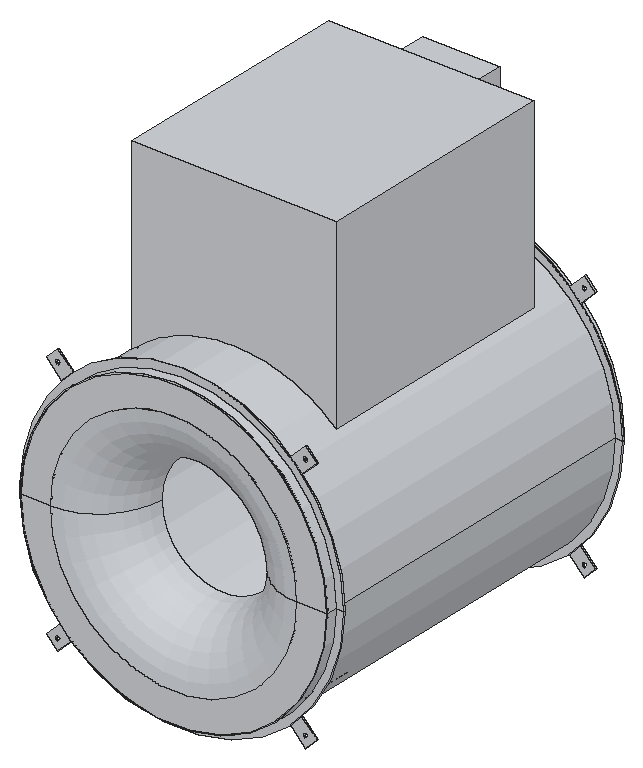
Revit family "QMX-HP_Vertical", category Mechanical Equipment, Revit 2019
Family settings
  Round Connector Dimension = Use Radius
  Part Type = Normal
  Work Plane-Based = No
  Always vertical = Yes
  Cut with Voids When Loaded = No
  Shared = No
  Room Calculation Point = No
Parameters (values of type "402-QMX-HP_VER")
  hole_dia = 5' - 4 7/8"
  hole = (sqrt((hole_dia ^ 2) / 2)) / 2  # 1' - 10.93678"
  Unit Weight [instance] = ""
  Sones [instance] = ""
  Motor RPM [instance] = ""
  Motor Enclosure [instance] = ""
  ModelID [instance] = ""
  MC/2 = 1' - 6 251/256"
  LwA [instance] = ""
  H/2 = H / 2  # 0' - 0 13/32"
  H = 0' - 0 13/16"
  G/2 = G / 2  # 2' - 9 15/16"
  Fan RPM [instance] = ""
  Brake Hp [instance] = ""
  BRACKET/2 = BRACKET / 2  # 0' - 2"
  BRACKET = 0' - 4"
  Accessories [instance] = ""
  45 = 45.00°
  3 = 0' - 3"  # constant formula
  1.9375 = 0' - 1 15/16"  # constant formula
  -(G/2)-.75 = -((G / 2) - 0' 0 3/4")  # -2' - 9 3/16"
  (G/2)-.75 = (G / 2) - 0' 0 3/4"  # 2' - 9 3/16"
  G+1.5 = G + 0' 1 1/2"  # 5' - 9 3/8"
  G = 5' - 7 7/8"
  F/2 = F / 2  # 1' - 10"
  F-1.5 = F - 0' 1 1/2"  # 3' - 6 1/2"
  F+1.5 = F + 0' 1 1/2"  # 3' - 9 1/2"
  F = 3' - 8"
  E-D-1.5 = E - D - 0' 1 1/2"  # 4' - 6 1/8"
  E-D = E - D  # 4' - 7 5/8"
  E = 7' - 4 5/16"
  D = 2' - 8 11/16"
  C/2 = C / 2  # 2' - 5 31/32"
  C = 4' - 11 15/16"
  B/8 = B / 6  # 0' - 11.41667"
  B/6 = B / 6  # 0' - 11.41667"
  B/3*2 = B / 3 * 2  # 3' - 9.66667"
  B/2 = B / 2  # 2' - 10 1/4"
  B/10 = B / 10  # 0' - 6.85"
  B = 5' - 8 1/2"
  A/8 = A / 8  # 0' - 7 15/128"
  A/4 = A / 4  # 1' - 2 15/64"
  A/2 = A / 2  # 2' - 4 15/32"
  A = 4' - 8 15/16"
  0 = 0' - 0"  # constant formula
  Voltage [instance] = 0 V
  URL = "www.lorencook.com"
  Type Comments = "Mixed Flow Inline High Pressure Vertical Mount Belt Drive Arrangement 9"  # constant formula
  Static Pressure [instance] = 0.00 in-wg
  Power [instance] = Voltage * Motor FLA * sqrt(if(Phase = 3, 3, 1))  # 0 VA
  Phase [instance] = 0
  Number of Poles [instance] = 1
  Motor Hp [instance] = "0"
  Motor FLA [instance] = 0 A
  Model = "QMX-HP_Vertical"  # constant formula
  Manufacturer = "Loren Cook Company"
  CFM [instance] = 0 CFM
  1.5 = 0' - 1 1/2"  # constant formula
  ONE EIGTH = 0' - 0 1/8"  # constant formula
  -(B/2) = -(B / 2)  # -2' - 10 1/4"
  (F+3)/2 = (F + 0' 3") / 2  # 1' - 11 1/2"
  (A/2)-.125 = (A / 2) - 0' 0 1/8"  # 2' - 4 11/32"
Types (18): name | hole_dia | hole | MC/2 | H/2 | H | G/2 | BRACKET/2 | BRACKET | -(G/2)-.75 | (G/2)-.75 | G+1.5 | G | F/2 | F-1.5 | F+1.5 | F | E-D-1.5 | E-D | E | D | C/2 | C | B/8 | B/6 | B/3*2 | B/2 | B/10 | B | A/8 | A/4 | A/2 | A | -(B/2) | (F+3)/2 | (A/2)-.125
  (no name) | 5' - 4 7/8" | 1' - 10.93678" | 1' - 6 251/256" | 0' - 0 13/32" | 0' - 0 13/16" | 2' - 9 15/16" | 0' - 2" | 0' - 4" | -2' - 9 3/16" | 2' - 9 3/16" | 5' - 9 3/8" | 5' - 7 7/8" | 1' - 10" | 3' - 6 1/2" | 3' - 9 1/2" | 3' - 8" | 4' - 6 1/8" | 4' - 7 5/8" | 7' - 4 5/16" | 2' - 8 11/16" | 2' - 5 31/32" | 4' - 11 15/16" | 0' - 11.41667" | 0' - 11.41667" | 3' - 9.66667" | 2' - 10 1/4" | 0' - 6.85" | 5' - 8 1/2" | 0' - 7 15/128" | 1' - 2 15/64" | 2' - 4 15/32" | 4' - 8 15/16" | -2' - 10 1/4" | 1' - 11 1/2" | 2' - 4 11/32"
  90-QMX-HP_VER | 1' - 7 3/16" | 0' - 6.78381" | 0' - 6" | 0' - 0 1/4" | 0' - 0 1/2" | 0' - 9 3/16" | 0' - 1 1/2" | 0' - 3" | -0' - 8 7/16" | 0' - 8 7/16" | 1' - 7 7/8" | 1' - 6 3/8" | 0' - 6 3/16" | 0' - 10 7/8" | 1' - 1 7/8" | 1' - 0 3/8" | 1' - 9 1/4" | 1' - 10 3/4" | 2' - 7 1/4" | 0' - 8 1/2" | 0' - 7 15/16" | 1' - 3 7/8" | 0' - 3 5/16" | 0' - 3 5/16" | 1' - 1 1/4" | 0' - 9 15/16" | 0' - 1.9875" | 1' - 7 7/8" | 0' - 1 77/128" | 0' - 3 13/64" | 0' - 6 13/32" | 1' - 0 13/16" | -0' - 9 15/16" | 0' - 7 11/16" | 0' - 6 9/32"
  120-QMX-HP_VER | 1' - 11 9/16" | 0' - 8.3306" | 0' - 8" | 0' - 0 1/4" | 0' - 0 1/2" | 0' - 11 1/4" | 0' - 1 1/2" | 0' - 3" | -0' - 10 1/2" | 0' - 10 1/2" | 2' - 0" | 1' - 10 1/2" | 0' - 7 3/4" | 1' - 2" | 1' - 5" | 1' - 3 1/2" | 2' - 0 11/16" | 2' - 2 3/16" | 3' - 0 11/16" | 0' - 10 1/2" | 0' - 10 1/32" | 1' - 8 1/16" | 0' - 4" | 0' - 4" | 1' - 4" | 1' - 0" | 0' - 2.4" | 2' - 0" | 0' - 2 17/128" | 0' - 4 17/64" | 0' - 8 17/32" | 1' - 5 1/16" | -1' - 0" | 0' - 9 1/4" | 0' - 8 13/32"
  135-QMX-HP_VER | 2' - 1 13/16" | 0' - 9.1261" | 0' - 9" | 0' - 0 1/4" | 0' - 0 1/2" | 1' - 0 3/4" | 0' - 1 1/2" | 0' - 3" | -1' - 0" | 1' - 0" | 2' - 3" | 2' - 1 1/2" | 0' - 8 3/4" | 1' - 4" | 1' - 7" | 1' - 5 1/2" | 2' - 2" | 2' - 3 1/2" | 3' - 3 1/2" | 1' - 0" | 0' - 11 1/8" | 1' - 10 1/4" | 0' - 4 1/2" | 0' - 4 1/2" | 1' - 6" | 1' - 1 1/2" | 0' - 2.7" | 2' - 3" | 0' - 2 13/32" | 0' - 4 13/16" | 0' - 9 5/8" | 1' - 7 1/4" | -1' - 1 1/2" | 0' - 10 1/4" | 0' - 9 1/2"
  150-QMX-HP_VER | 2' - 4" | 0' - 9.89949" | 0' - 10" | 0' - 0 1/4" | 0' - 0 1/2" | 1' - 2 5/16" | 0' - 1 1/2" | 0' - 3" | -1' - 1 9/16" | 1' - 1 9/16" | 2' - 6 1/8" | 2' - 4 5/8" | 0' - 9 3/8" | 1' - 5 1/4" | 1' - 8 1/4" | 1' - 6 3/4" | 2' - 3 3/8" | 2' - 4 7/8" | 3' - 6 1/16" | 1' - 1 3/16" | 1' - 0 3/16" | 2' - 0 3/8" | 0' - 5" | 0' - 5" | 1' - 8" | 1' - 3" | 0' - 3" | 2' - 6" | 0' - 2 43/64" | 0' - 5 11/32" | 0' - 10 11/16" | 1' - 9 3/8" | -1' - 3" | 0' - 10 7/8" | 0' - 10 9/16"
  165-QMX-HP_VER | 2' - 6 1/8" | 0' - 10.6508" | 0' - 10" | 0' - 0 1/4" | 0' - 0 1/2" | 1' - 3 13/16" | 0' - 1 1/2" | 0' - 3" | -1' - 3 1/16" | 1' - 3 1/16" | 2' - 9 1/8" | 2' - 7 5/8" | 0' - 10 13/32" | 1' - 7 5/16" | 1' - 10 5/16" | 1' - 8 13/16" | 2' - 3 15/16" | 2' - 5 7/16" | 3' - 7 3/4" | 1' - 2 5/16" | 1' - 1 1/4" | 2' - 2 1/2" | 0' - 5 1/2" | 0' - 5 1/2" | 1' - 10" | 1' - 4 1/2" | 0' - 3.3" | 2' - 9" | 0' - 2 15/16" | 0' - 5 7/8" | 0' - 11 3/4" | 1' - 11 1/2" | -1' - 4 1/2" | 0' - 11 29/32" | 0' - 11 5/8"
  180-QMX-HP_VER | 2' - 8 5/16" | 0' - 11.42419" | 0' - 10" | 0' - 0 9/32" | 0' - 0 9/16" | 1' - 4 13/16" | 0' - 1 1/2" | 0' - 3" | -1' - 4 1/16" | 1' - 4 1/16" | 2' - 11 1/8" | 2' - 9 5/8" | 0' - 11 13/32" | 1' - 9 5/16" | 2' - 0 5/16" | 1' - 10 13/16" | 2' - 5 1/4" | 2' - 6 3/4" | 3' - 10 1/4" | 1' - 3 1/2" | 1' - 2 5/16" | 2' - 4 5/8" | 0' - 5.83333" | 0' - 5.83333" | 1' - 11.33333" | 1' - 5 1/2" | 0' - 3 1/2" | 2' - 11" | 0' - 3 13/64" | 0' - 6 13/32" | 1' - 0 13/16" | 2' - 1 5/8" | -1' - 5 1/2" | 1' - 0 29/32" | 1' - 0 11/16"
  202-QMX-HP_VER | 2' - 11 1/2" | 1' - 0.55115" | 0' - 10" | 0' - 0 9/32" | 0' - 0 9/16" | 1' - 6 1/16" | 0' - 1 1/2" | 0' - 3" | -1' - 5 5/16" | 1' - 5 5/16" | 3' - 1 5/8" | 3' - 0 1/8" | 1' - 0 1/8" | 1' - 10 3/4" | 2' - 1 3/4" | 2' - 0 1/4" | 2' - 7 3/16" | 2' - 8 11/16" | 4' - 1 15/16" | 1' - 5 1/4" | 1' - 3 7/8" | 2' - 7 3/4" | 0' - 6 1/4" | 0' - 6 1/4" | 2' - 1" | 1' - 6 3/4" | 0' - 3 3/4" | 3' - 1 1/2" | 0' - 3 19/32" | 0' - 7 3/16" | 1' - 2 3/8" | 2' - 4 3/4" | -1' - 6 3/4" | 1' - 1 5/8" | 1' - 2 1/4"
  225-QMX-HP_VER | 3' - 2 3/4" | 1' - 1.70019" | 0' - 10 165/256" | 0' - 0 9/32" | 0' - 0 9/16" | 1' - 7 13/16" | 0' - 1 1/2" | 0' - 3" | -1' - 7 1/16" | 1' - 7 1/16" | 3' - 5 1/8" | 3' - 3 5/8" | 1' - 1 15/32" | 2' - 1 7/16" | 2' - 4 7/16" | 2' - 2 15/16" | 2' - 11 5/16" | 3' - 0 13/16" | 4' - 7 13/16" | 1' - 7" | 1' - 5 15/32" | 2' - 10 15/16" | 0' - 6.83333" | 0' - 6.83333" | 2' - 3.33333" | 1' - 8 1/2" | 0' - 4.1" | 3' - 5" | 0' - 3 127/128" | 0' - 7 63/64" | 1' - 3 31/32" | 2' - 7 15/16" | -1' - 8 1/2" | 1' - 2 31/32" | 1' - 3 27/32"
  245-QMX-HP_VER | 3' - 5 9/16" | 1' - 2.69456" | 0' - 11 149/256" | 0' - 0 11/32" | 0' - 0 11/16" | 1' - 9 9/16" | 0' - 1 1/2" | 0' - 3" | -1' - 8 13/16" | 1' - 8 13/16" | 3' - 8 5/8" | 3' - 7 1/8" | 1' - 2 15/32" | 2' - 3 7/16" | 2' - 6 7/16" | 2' - 4 15/16" | 3' - 1" | 3' - 2 1/2" | 4' - 11" | 1' - 8 1/2" | 1' - 6 7/8" | 3' - 1 3/4" | 0' - 7.41667" | 0' - 7.41667" | 2' - 5.66667" | 1' - 10 1/4" | 0' - 4.45" | 3' - 8 1/2" | 0' - 4 11/32" | 0' - 8 11/16" | 1' - 5 3/8" | 2' - 10 3/4" | -1' - 10 1/4" | 1' - 3 31/32" | 1' - 5 1/4"
  270-QMX-HP_VER | 3' - 9 1/8" | 1' - 3.9541" | 1' - 0 197/256" | 0' - 0 11/32" | 0' - 0 11/16" | 1' - 10 13/16" | 0' - 1 1/2" | 0' - 3" | -1' - 10 1/16" | 1' - 10 1/16" | 3' - 11 1/8" | 3' - 9 5/8" | 1' - 3 1/2" | 2' - 5 1/2" | 2' - 8 1/2" | 2' - 7" | 3' - 2 15/16" | 3' - 4 7/16" | 5' - 2 7/8" | 1' - 10 7/16" | 1' - 8 21/32" | 3' - 5 5/16" | 0' - 7.83333" | 0' - 7.83333" | 2' - 7.33333" | 1' - 11 1/2" | 0' - 4.7" | 3' - 11" | 0' - 4 101/128" | 0' - 9 37/64" | 1' - 7 5/32" | 3' - 2 5/16" | -1' - 11 1/2" | 1' - 5" | 1' - 7 1/32"
  300-QMX-HP_VER | 4' - 1 3/8" | 1' - 5.4567" | 1' - 2 43/256" | 0' - 0 11/32" | 0' - 0 11/16" | 2' - 2 5/16" | 0' - 1 1/2" | 0' - 3" | -2' - 1 9/16" | 2' - 1 9/16" | 4' - 6 1/8" | 4' - 4 5/8" | 1' - 4 7/8" | 2' - 8 1/4" | 2' - 11 1/4" | 2' - 9 3/4" | 3' - 5 13/16" | 3' - 7 5/16" | 5' - 8 1/16" | 2' - 0 3/4" | 1' - 10 3/4" | 3' - 9 1/2" | 0' - 9" | 0' - 9" | 3' - 0" | 2' - 3" | 0' - 5.4" | 4' - 6" | 0' - 5 5/16" | 0' - 10 5/8" | 1' - 9 1/4" | 3' - 6 1/2" | -2' - 3" | 1' - 6 3/8" | 1' - 9 1/8"
  330-QMX-HP_VER | 4' - 5 5/8" | 1' - 6.9593" | 1' - 3 149/256" | 0' - 0 11/32" | 0' - 0 11/16" | 2' - 4 9/16" | 0' - 1 1/2" | 0' - 3" | -2' - 3 13/16" | 2' - 3 13/16" | 4' - 10 5/8" | 4' - 9 1/8" | 1' - 6 3/8" | 2' - 11 1/4" | 3' - 2 1/4" | 3' - 0 3/4" | 3' - 10 5/16" | 3' - 11 13/16" | 6' - 2 13/16" | 2' - 3" | 2' - 0 7/8" | 4' - 1 3/4" | 0' - 9 3/4" | 0' - 9 3/4" | 3' - 3" | 2' - 5 1/4" | 0' - 5.85" | 4' - 10 1/2" | 0' - 5 27/32" | 0' - 11 11/16" | 1' - 11 3/8" | 3' - 10 3/4" | -2' - 5 1/4" | 1' - 7 7/8" | 1' - 11 1/4"
  365-QMX-HP_VER | 4' - 11 1/2" | 1' - 9.03643" | 1' - 5 1/4" | 0' - 0 13/32" | 0' - 0 13/16" | 2' - 7 11/16" | 0' - 2" | 0' - 4" | -2' - 6 15/16" | 2' - 6 15/16" | 5' - 4 7/8" | 5' - 3 3/8" | 1' - 8 1/4" | 3' - 3" | 3' - 6" | 3' - 4 1/2" | 4' - 0 15/16" | 4' - 2 7/16" | 6' - 8 1/4" | 2' - 5 13/16" | 2' - 3 3/8" | 4' - 6 3/4" | 0' - 10.66667" | 0' - 10.66667" | 3' - 6.66667" | 2' - 8" | 0' - 6.4" | 5' - 4" | 0' - 6 15/32" | 1' - 0 15/16" | 2' - 1 7/8" | 4' - 3 3/4" | -2' - 8" | 1' - 9 3/4" | 2' - 1 3/4"
  402-QMX-HP_VER | 5' - 4 7/8" | 1' - 10.93678" | 1' - 6 251/256" | 0' - 0 13/32" | 0' - 0 13/16" | 2' - 9 15/16" | 0' - 2" | 0' - 4" | -2' - 9 3/16" | 2' - 9 3/16" | 5' - 9 3/8" | 5' - 7 7/8" | 1' - 10" | 3' - 6 1/2" | 3' - 9 1/2" | 3' - 8" | 4' - 6 1/8" | 4' - 7 5/8" | 7' - 4 5/16" | 2' - 8 11/16" | 2' - 5 31/32" | 4' - 11 15/16" | 0' - 11.41667" | 0' - 11.41667" | 3' - 9.66667" | 2' - 10 1/4" | 0' - 6.85" | 5' - 8 1/2" | 0' - 7 15/128" | 1' - 2 15/64" | 2' - 4 15/32" | 4' - 8 15/16" | -2' - 10 1/4" | 1' - 11 1/2" | 2' - 4 11/32"
  445-QMX-HP_VER | 5' - 10 7/8" | 2' - 1.0581" | 1' - 9 5/256" | 0' - 0 13/32" | 0' - 0 13/16" | 3' - 0 11/16" | 0' - 2" | 0' - 4" | -2' - 11 15/16" | 2' - 11 15/16" | 6' - 2 7/8" | 6' - 1 3/8" | 2' - 0 1/8" | 3' - 10 3/4" | 4' - 1 3/4" | 4' - 0 1/4" | 4' - 9 3/8" | 4' - 10 7/8" | 7' - 10 7/8" | 3' - 0" | 2' - 9 1/32" | 5' - 6 1/16" | 1' - 0.33333" | 1' - 0.33333" | 4' - 1.33333" | 3' - 1" | 0' - 7.4" | 6' - 2" | 0' - 7 113/128" | 1' - 3 49/64" | 2' - 7 17/32" | 5' - 3 1/16" | -3' - 1" | 2' - 1 5/8" | 2' - 7 13/32"
  490-QMX-HP_VER | 6' - 6 1/8" | 2' - 3.62136" | 1' - 11 1/8" | 0' - 0 13/32" | 0' - 0 13/16" | 3' - 3 15/16" | 0' - 2" | 0' - 4" | -3' - 3 3/16" | 3' - 3 3/16" | 6' - 9 3/8" | 6' - 7 7/8" | 2' - 2 3/8" | 4' - 3 1/4" | 4' - 6 1/4" | 4' - 4 3/4" | 5' - 2 7/16" | 5' - 3 15/16" | 8' - 7 3/8" | 3' - 3 7/16" | 3' - 0 3/16" | 6' - 0 3/8" | 1' - 1.41667" | 1' - 1.41667" | 4' - 5.66667" | 3' - 4 1/4" | 0' - 8.05" | 6' - 8 1/2" | 0' - 8 43/64" | 1' - 5 11/32" | 2' - 10 11/16" | 5' - 9 3/8" | -3' - 4 1/4" | 2' - 3 7/8" | 2' - 10 9/16"
  540-QMX-HP_VER | 7' - 1 3/16" | 2' - 6.11833" | 2' - 1 123/256" | 0' - 0 13/32" | 0' - 0 13/16" | 3' - 7 3/16" | 0' - 2" | 0' - 4" | -3' - 6 7/16" | 3' - 6 7/16" | 7' - 3 7/8" | 7' - 2 3/8" | 2' - 5" | 4' - 8 1/2" | 4' - 11 1/2" | 4' - 10" | 5' - 6 1/8" | 5' - 7 5/8" | 9' - 2 15/16" | 3' - 7 5/16" | 3' - 3 23/32" | 6' - 7 7/16" | 1' - 2 1/2" | 1' - 2 1/2" | 4' - 10" | 3' - 7 1/2" | 0' - 8.7" | 7' - 3" | 0' - 9 71/128" | 1' - 7 7/64" | 3' - 2 7/32" | 6' - 4 7/16" | -3' - 7 1/2" | 2' - 6 1/2" | 3' - 2 3/32"
Reference planes (in)
  plane 1 "Center (Front/Back)": y = 0
  plane 2: z = 0
  plane 3 "Center (Left/Right)": x = 0.40541
Forms (in)
  Extrusion 1, solid
    sketch origin (0, 0, 0) x (1, 0, 0) y (0, 0, 1)
      loop
        circle (0.40541, 0) r 28.46875
      loop
        circle (0.40541, 0) r 28.34375
    from -34.25 <- "-(B/2)" to 34.25 <- "B/2"
  Revolve 2, solid
    sketch origin (0, 0, 0) x (1, 0, 0) y (0, 1, 0)
      loop
        line (-27.93834, -34.25) -> (0.40541, -34.25) -> (0.40541, -22.83333) -> (-27.93834, -22.83333) -> (-27.93834, -34.25)
      axis (0.40541, -34.25) -> (0.40541, -22.83333)
    angle from 0 to 360
  Revolve 3, void
    sketch origin (0, 0, 0) x (1, 0, 0) y (0, 1, 0)
      loop
        line (0.40541, -22.83333) -> (-11.01125, -22.83333)
        arc (-11.01125, -22.83333) -> (-14.35512, -30.90614) -> (-22.42792, -34.25) r 11.41667
        line (-22.42792, -34.25) -> (0.40541, -34.25) -> (0.40541, -22.83333)
      axis (0.40541, -22.83333) -> (0.40541, -34.25)
    angle from 0 to 360
  Revolve 4, solid
    sketch origin (0, 0, 0) x (1, 0, 0) y (0, 1, 0)
      loop
        line (0.40541, 34.25) -> (-11.01125, 34.25) -> (-11.01125, 0) -> (0.40541, 0) -> (0.40541, 34.25)
      axis (0.40541, 34.25) -> (0.40541, 0)
    angle from 0 to 360
  Revolve 5, solid
    sketch origin (0, 0, 0) x (1, 0, 0) y (0, 1, 0)
      loop
        line (-29.56334, 32.3125) -> (-29.56334, 32.1875) -> (-28.06334, 32.1875) -> (-28.06334, 32.3125) -> (-29.56334, 32.3125)
      loop
        line (-29.56334, -32.1875) -> (-29.56334, -32.3125) -> (-28.06334, -32.3125) -> (-28.06334, -32.1875) -> (-29.56334, -32.1875)
      axis (0.40541, 32.3125) -> (0.40541, -32.3125)
    angle from 0 to 360
  Extrusion 6, solid
    sketch origin (0.40541, 32.1875, 0) x (-1, 0, 0) y (0, 0, -1)
      loop
        arc (7.11719, -27.56475) -> (0, -28.46875) -> (-7.11719, -27.56475) r 28.46875
        line (-7.11719, -27.56475) -> (-7.11719, -54.125) -> (7.11719, -54.125) -> (7.11719, -27.56475)
    from 0 to 6.85 <- "B/10"
  Extrusion 7, solid
    sketch origin (0.40541, 25.3375, 0) x (-1, 0, 0) y (0, 0, -1)
      loop
        line (-18.98047, -21.21819) -> (-18.98047, -55.625) -> (18.98047, -55.625) -> (18.98047, -21.21819)
        arc (18.98047, -21.21819) -> (0, -28.46875) -> (-18.98047, -21.21819) r 28.46875
    from 0 to 45.66667 <- "B/3*2"
  Extrusion 8, solid
    sketch origin (0.40541, -32.3125, 0) x (-1, 0, 0) y (0, 0, -1)
      loop
        line (22.22521, 20.10389) -> (25.05363, 22.93231) -> (22.93231, 25.05363) -> (20.10389, 22.22521)
        arc (20.10389, 22.22521) -> (21.19111, 21.19111) -> (22.22521, 20.10389) r 29.96875
    from 0 to -0.125
  Extrusion 9, solid
    sketch origin (0.40541, -32.3125, 0) x (0, 0, -1) y (1, 0, 0)
      loop
        line (22.22521, 20.10389) -> (25.05363, 22.93231) -> (22.93231, 25.05363) -> (20.10389, 22.22521)
        arc (20.10389, 22.22521) -> (21.19111, 21.19111) -> (22.22521, 20.10389) r 29.96875
    from 0 to -0.125
  Extrusion 10, solid
    sketch origin (0.40541, -32.3125, 0) x (1, 0, 0) y (0, 0, 1)
      loop
        line (22.22521, 20.10389) -> (25.05363, 22.93231) -> (22.93231, 25.05363) -> (20.10389, 22.22521)
        arc (20.10389, 22.22521) -> (21.19111, 21.19111) -> (22.22521, 20.10389) r 29.96875
    from 0 to -0.125
  Extrusion 11, solid
    sketch origin (0.40541, -32.3125, 0) x (0, 0, 1) y (-1, 0, 0)
      loop
        line (22.22521, 20.10389) -> (25.05363, 22.93231) -> (22.93231, 25.05363) -> (20.10389, 22.22521)
        arc (20.10389, 22.22521) -> (21.19111, 21.19111) -> (22.22521, 20.10389) r 29.96875
    from 0 to -0.125
  Extrusion 12, solid
    sketch origin (0.40541, 32.3125, 0) x (0, 0, -1) y (-1, 0, 0)
      loop
        line (20.10389, -22.22521) -> (22.93231, -25.05363) -> (25.05363, -22.93231) -> (22.22521, -20.10389)
        arc (22.22521, -20.10389) -> (21.19111, -21.19111) -> (20.10389, -22.22521) r 29.96875
      loop
        arc (-20.10389, -22.22521) -> (-21.19111, -21.19111) -> (-22.22521, -20.10389) r 29.96875
        line (-22.22521, -20.10389) -> (-25.05363, -22.93231) -> (-22.93231, -25.05363) -> (-20.10389, -22.22521)
      loop
        arc (-22.22521, 20.10389) -> (-21.19111, 21.19111) -> (-20.10389, 22.22521) r 29.96875
        line (-20.10389, 22.22521) -> (-22.93231, 25.05363) -> (-25.05363, 22.93231) -> (-22.22521, 20.10389)
      loop
        arc (20.10389, 22.22521) -> (21.19111, 21.19111) -> (22.22521, 20.10389) r 29.96875
        line (22.22521, 20.10389) -> (25.05363, 22.93231) -> (22.93231, 25.05363) -> (20.10389, 22.22521)
    from 0 to -0.125
  Extrusion 13, void
    sketch origin (0.40541, 32.3125, 0) x (0, 0, 1) y (-1, 0, 0)
      loop
        circle (-22.93678, -22.93678) r 0.40625
      loop
        circle (22.93678, -22.93678) r 0.40625
      loop
        circle (22.93678, 22.93678) r 0.40625
      loop
        circle (-22.93678, 22.93678) r 0.40625
    from 0 to 0.125
  Extrusion 14, void
    sketch origin (0.40541, -32.3125, 0) x (1, 0, 0) y (0, 0, -1)
      loop
        circle (-22.93678, -22.93678) r 0.40625
      loop
        circle (-22.93678, 22.93678) r 0.40625
      loop
        circle (22.93678, 22.93678) r 0.40625
      loop
        circle (22.93678, -22.93678) r 0.40625
    from 0 to 0.125
Cuts and joins
  Revolve 3 cuts Revolve 2
  Extrusion 13, Extrusion 14 cuts Revolve 5
  Extrusion 13 cuts Extrusion 12
  Extrusion 14 cuts Extrusion 8
  Extrusion 14 cuts Extrusion 9
  Extrusion 14 cuts Extrusion 10
  Extrusion 14 cuts Extrusion 11
Dimensions and locks (in)
  "0": Extrusion 1 sketch curve to level  (x2)
  "0": Revolve 2 sketch curve to plane 3 "Center (Left/Right)"  (x2)
  "0": Revolve 2 sketch curve to Extrusion 1
  "(A/2)-.125": Revolve 2 sketch curve to plane 3 "Center (Left/Right)"
  "B/8": Revolve 2 sketch curve to Extrusion 1
  "B/8": Revolve 3 sketch curve to plane 3 "Center (Left/Right)"
  "0": Revolve 3 sketch curve to Extrusion 1
  "0": Revolve 3 sketch curve to Revolve 2
  "0": Revolve 3 sketch curve to plane 3 "Center (Left/Right)"  (x2)
  "0": Revolve 4 sketch curve to plane 1 "Center (Front/Back)"
  "0": Revolve 4 sketch curve to plane 3 "Center (Left/Right)"  (x2)
  "B/8": Revolve 4 sketch curve to Revolve 4 sketch curve
  "ONE EIGTH": Revolve 5 sketch curve to Revolve 5 sketch curve  (x2)
  "A/2": Revolve 5 sketch curve to plane 3 "Center (Left/Right)"  (x2)
  "C/2": Revolve 5 sketch curve to plane 3 "Center (Left/Right)"  (x2)
  "0": Revolve 5 sketch curve to plane 3 "Center (Left/Right)"
  "A/8": plane 3 "Center (Left/Right)" to Extrusion 6 sketch curve
  "A/8": Extrusion 6 sketch curve to plane 3 "Center (Left/Right)"
  "E-D-1.5": Extrusion 6 sketch curve to level
  "E-D": Extrusion 7 sketch curve to level
  "MC/2": Extrusion 7 sketch curve to plane 3 "Center (Left/Right)"
  "MC/2": plane 3 "Center (Left/Right)" to Extrusion 7 sketch curve
  "0": Extrusion 7 sketch curve to level
  "0": plane 3 "Center (Left/Right)" to Extrusion 7 sketch curve
  "0": Extrusion 1 to Revolve 4 sketch curve
  "0": Extrusion 6 sketch curve to plane 3 "Center (Left/Right)"
  "3": Extrusion 8 sketch curve to Extrusion 8 sketch curve
  "BRACKET": Extrusion 8 sketch curve to Extrusion 8 sketch curve
  "0": Extrusion 8 sketch curve to level
  "0": Extrusion 8 sketch curve to plane 3 "Center (Left/Right)"
  "1.5": Extrusion 8 sketch curve to plane 3 "Center (Left/Right)"
  "3": Extrusion 9 sketch curve to Extrusion 9 sketch curve
  "BRACKET": Extrusion 9 sketch curve to Extrusion 9 sketch curve
  "3": Extrusion 10 sketch curve to Extrusion 10 sketch curve
  "BRACKET": Extrusion 10 sketch curve to Extrusion 10 sketch curve
  "3": Extrusion 11 sketch curve to Extrusion 11 sketch curve
  "BRACKET": Extrusion 11 sketch curve to Extrusion 11 sketch curve
  "1.5": Extrusion 9 sketch curve to plane 3 "Center (Left/Right)"
  "0": Extrusion 9 sketch curve to level
  "0": Extrusion 9 sketch curve to plane 3 "Center (Left/Right)"
  "0": Extrusion 10 sketch curve to level
  "0": Extrusion 10 sketch curve to plane 3 "Center (Left/Right)"
  "1.5": Extrusion 10 sketch curve to plane 3 "Center (Left/Right)"
  "1.5": Extrusion 11 sketch curve to plane 3 "Center (Left/Right)"
  "0": Extrusion 11 sketch curve to level
  "0": plane 3 "Center (Left/Right)" to Extrusion 11 sketch curve
  "0": Extrusion 12 sketch curve to Extrusion 9  (x3)
  "0": Extrusion 12 sketch curve to Extrusion 10
  Extrusion 12 sketch curve to Extrusion 10 = 0' - 0"
  "0": Extrusion 12 sketch curve to Extrusion 11  (x2)
  "0": Extrusion 11 to Extrusion 12 sketch curve
  "0": Extrusion 12 sketch curve to Extrusion 8  (x3)
  "hole": Extrusion 13 sketch curve to level  (x2)
  "hole": Extrusion 13 sketch curve to plane 3 "Center (Left/Right)"  (x2)
  "hole": level to Extrusion 13 sketch curve  (x2)
  "hole": plane 3 "Center (Left/Right)" to Extrusion 13 sketch curve  (x2)
  "hole": plane 3 "Center (Left/Right)" to Extrusion 14 sketch curve  (x2)
  "hole": Extrusion 14 sketch curve to level  (x2)
  "hole": level to Extrusion 14 sketch curve  (x2)
  "hole": Extrusion 14 sketch curve to plane 3 "Center (Left/Right)"  (x2)
  "1.9375": Extrusion 1 to Revolve 5 sketch curve
  "1.9375": Revolve 5 sketch curve to Extrusion 1
  "0": plane 3 "Center (Left/Right)" to Extrusion 12 sketch curve  (x4)
  "0": Extrusion 12 sketch curve to cut or joined group of Extrusion 10, Extrusion 14  (x2)
  "3": Extrusion 12 sketch curve to Extrusion 12 sketch curve
  "A/2": radius of Extrusion 1 sketch curve
  "(A/2)-.125": radius of Extrusion 1 sketch curve
  "B/8": radius of Revolve 3 sketch curve
  "A/2": radius of Extrusion 6 sketch curve
  "A/2": radius of Extrusion 7 sketch curve
  "C/2": radius of Extrusion 8 sketch curve
  "C/2": radius of Extrusion 9 sketch curve
  "C/2": radius of Extrusion 10 sketch curve
  "C/2": radius of Extrusion 11 sketch curve
  "C/2": radius of Extrusion 12 sketch curve  (x4)
  "H/2": radius of Extrusion 13 sketch curve  (x4)
  "H/2": radius of Extrusion 14 sketch curve  (x4)
  "45": angle level to Extrusion 8 sketch curve
  "45": angle Extrusion 9 sketch curve to level
  "45": angle level to Extrusion 10 sketch curve
  "45": angle Extrusion 11 sketch curve to level
Automatic sketch dimensions
  Extrusion 1 sketch curve to Extrusion 1 sketch curve = 0' - 0"
  Extrusion 1 sketch curve to plane 3 "Center (Left/Right)" = 0' - 0"
  Revolve 2 sketch curve to Revolve 2 sketch curve = 0' - 0"
  plane 1 "Center (Front/Back)" to Revolve 2 sketch curve = 0' - 3.17163"
  Revolve 3 sketch curve to Revolve 3 sketch curve = 0' - 0"  (x3)
  Revolve 3 sketch curve to Revolve 3 sketch curve = 0' - 3"
  Revolve 4 sketch curve to plane 1 "Center (Front/Back)" = 0' - 0"
  Revolve 4 sketch curve to Revolve 4 sketch curve = 0' - 4"
  Extrusion 6 sketch curve to Revolve 5 = 0' - 0"
  Extrusion 6 sketch curve to Extrusion 6 sketch curve = 0' - 0"
  Extrusion 7 sketch curve to Extrusion 7 sketch curve = 0' - 0"
  Revolve 5 sketch curve to Revolve 5 sketch curve = 0' - 4.07114"
  Revolve 5 sketch curve to Revolve 5 sketch curve = 0' - 4"
  Extrusion 12 sketch curve to Extrusion 12 sketch curve = 0' - 0"  (x3)
  Extrusion 12 sketch curve to Revolve 5 = 0' - 0"
Connectors (in)
  electrical at (-18.57506, 2.50417, 38.42159)
    settings: on Extrusion 7, index 1, voltage 0 V, apparent load 0 VA, apparent load phase1 0 VA, apparent load phase2 0 VA, apparent load phase3 0 VA, power factor 1, load classification "Other", number of poles 1, system type 30, power factor state 1, is connector primary yes, connector utility no, sub classification motor no, connector description ""
  hvac at (0.40541, -34.25, 0), driven by "A/2"
    settings: on cut or joined group of Revolve 2, Revolve 3, index 2, duct flow 0 CFM, flow factor 0, pres drop 0.00 in-wg, loss coef 0, conn angle 0.00°, conn width 12", conn height 12", conn diameter 56 15/16", duct sys type 29, conn prof type 0, flow config 0, flow direction 1, loss method 0, conn ref index -1, conn util no, is conn primary yes, conn desc ""
  hvac at (0.40541, 34.25, 0), driven by "A/2"
    settings: on Extrusion 1, index 3, duct flow 0 CFM, flow factor 0, pres drop 0.00 in-wg, loss coef 0, conn angle 0.00°, conn width 12", conn height 12", conn diameter 56 15/16", duct sys type 29, conn prof type 0, flow config 0, flow direction 2, loss method 0, conn ref index -1, conn util no, is conn primary no, conn desc ""
